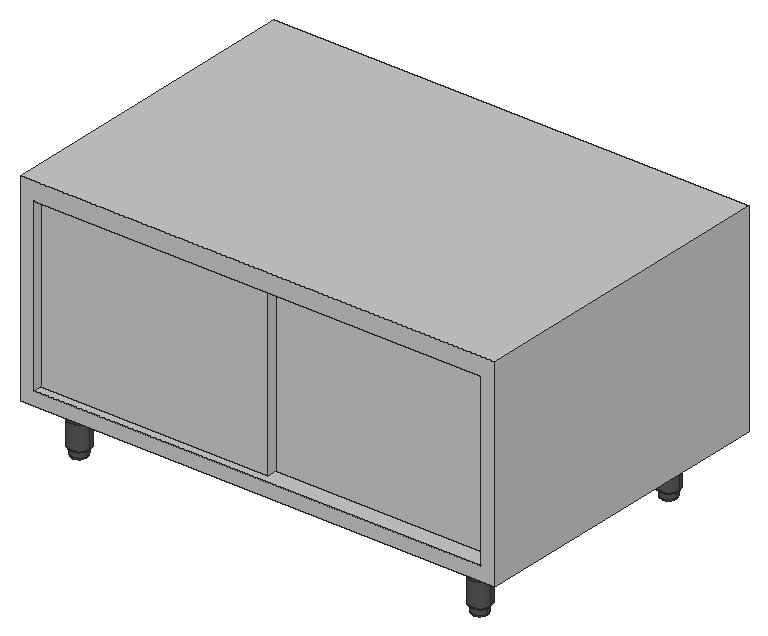
Revit family "QF_CAPIC_PF_W293038", category Equipement spécialisé, Revit 2018
Family settings
  Cote de connecteur circulaire = Utiliser le diamètre
  Type d'élément = Normal
  Numéro OmniClass = 23.40.40.14
  Titre OmniClass = Food Service Equipment
  Basée sur le plan de construction = Non
  Toujours verticalement = Oui
  Couper avec des vides une fois chargée = Non
  Partagée = Non
  Point de calcul de pièce = Non
Parameters (values of type "L=1200mm")
  URL catalogue = "http://www.capic-fr.com/fr/"
  Type de Raccord Plomberie [instance] = ""
  Type de Raccord Electrique [instance] = ""
  Type de Gaz = ""
  Type article [instance] = ""
  Tension = 0 V
  Spécification du Fabricant = ""
  Show Logo = yes
  Remarques evacuation [instance] = ""
  Remarques Plomberie [instance] = ""
  Remarques Electricité [instance] = ""
  Puissance électrique  = 0 W
  Puissance Gaz kW = 0
  Profondeur hors tout = 801 mm
  Pression Maximum Eau Adoucie = 0.0 Pa
  Poids net à vide = 120.00 kg
  Phase = 0
  Modèle = "W293038"
  Longueur porte = Longueur hors tout / 2 - 25 mm  # 575 mm
  Longueur hors tout = 1200 mm
  Intensité nominale = 0 A
  Hauteur hors tout = 630 mm
  Hauteur de Raccordement du Sol Finis = 0 mm
  Hauteur de Raccordement Gaz du Sol Finis = 0 mm
  Hauteur de Raccordement Evacuation Directe du Sol Finis = 0 mm
  Hauteur de Raccordement Eau Froide du Sol Finis = 0 mm
  Hauteur de Raccordement Eau Chaude du Sol Finis = 0 mm
  Hauteur de Raccordement Eau Adoucie du Sol Finis = 0 mm
  Fréquence = 0 Hz
  Fabricant = "CAPIC"
  Débit d'air d'extraction = 0.0 m³/h
  Débit Gaz = 0.0 L/s
  Débit Eau Froide = 0.0 L/s
  Débit Eau Chaude = 0.0 L/s
  Débit Eau Adoucie = 0.0 L/s
  Diamètre de Raccordement Gaz = 0 mm
  Diamètre de Raccordement Evacuation = 0 mm
  Diamètre de Raccordement Eau Froide = 0 mm
  Diamètre de Raccordement Eau Chaude = 0 mm
  Diamètre de Raccordement Eau Adoucie = 0 mm
  Description = "Placard fermé 2 portes coulissantes"
  Assembly Code = ""
  Classification  Omniclass nombre et titre = ""
Reference planes
  plane 1 "Centre (avant/arrière)": y = 0
  plane 2: z = 0
  plane 3 "Centre (gauche/droite)": x = 0
  plane 4 "Centre G/E": y = 0
  plane 5: y = -838
  plane 6: x = 1200
  plane 7: x = 1198
  plane 8: x = 2
  plane 9: x = 1165
  plane 10: y = -818
  plane 11: x = 1158
  plane 12: y = -223
  plane 13: y = -820
  plane 14: z = 141
  plane 15: x = 42
  plane 16: x = 35
  plane 17: y = -182
  plane 18: z = 621
  plane 19: z = 120
  plane 20: y = -37
  plane 21: x = 610
  plane 22: x = 590
Forms (mm)
  Extrusion 1, solid, material "QF_Stainless Steel-Brushed"
    sketch origin (1480, 0, 0) x (1, 0, 0) y (0, 0, 1)
      loop
        line (-1480, 630) -> (-1480, 120) -> (-280, 120) -> (-280, 630) -> (-1480, 630)
    from 838 to 37
  Extrusion 2, void
    sketch origin (1480, 0, 0) x (1, 0, 0) y (0, 0, 1)
      loop
        line (-1445, 155.456) -> (-315, 155.456) -> (-315, 585.456) -> (-1445, 585.456) -> (-1445, 155.456)
    from 838 to 182
  Extrusion 3, void
    sketch origin (1480, 0, 0) x (1, 0, 0) y (0, 1, 0)
      loop
        line (-1445, -182) -> (-1445, -820) -> (-315, -820) -> (-315, -182) -> (-1445, -182)
    from 120 to 141
  Extrusion 4, solid, material "QF_Stainless Steel-Brushed"
    sketch origin (0, 0, 0) x (1, 0, 0) y (0, 1, 0)
      loop
        line (35, -818) -> (610, -818) -> (610, -793) -> (35, -793) -> (35, -818)
    from 155.456 to 585.456
  Extrusion 5, solid, material "QF_Stainless Steel-Brushed"
    sketch origin (0, 0, 0) x (1, 0, 0) y (0, 1, 0)
      loop
        line (590, -793) -> (1165, -793) -> (1165, -768) -> (590, -768) -> (590, -793)
    from 155.456 to 585.456
Cuts and joins
  Extrusion 2, Extrusion 3 cuts Extrusion 1
Lines and regions (mm)
  model lines
    curve 1: line (1090, -793, 425.451) -> (1145, -793, 425.451)
    curve 2: line (1090, -793, 315.451) -> (1090, -793, 425.451)
    curve 3: line (1145, -793, 315.451) -> (1090, -793, 315.451)
    curve 4: line (1145, -793, 425.451) -> (1145, -793, 315.451)
    curve 5: line (1138, -793, 418.451) -> (1097, -793, 418.451)
    curve 6: line (1097, -793, 418.451) -> (1097, -793, 322.451)
    curve 7: line (1138, -793, 322.451) -> (1138, -793, 418.451)
    curve 8: line (1097, -793, 322.451) -> (1138, -793, 322.451)
    curve 17: line (55, -818, 425.451) -> (110, -818, 425.451)
    curve 18: line (55, -818, 315.451) -> (55, -818, 425.451)
    curve 19: line (110, -818, 315.451) -> (55, -818, 315.451)
    curve 20: line (110, -818, 425.451) -> (110, -818, 315.451)
    curve 21: line (103, -818, 418.451) -> (62, -818, 418.451)
    curve 22: line (62, -818, 418.451) -> (62, -818, 322.451)
    curve 23: line (103, -818, 322.451) -> (103, -818, 418.451)
    curve 24: line (62, -818, 322.451) -> (103, -818, 322.451)
  model lines, not visible
    curve 9: line (890, -793, 425.451) -> (945, -793, 425.451)
    curve 10: line (890, -793, 315.451) -> (890, -793, 425.451)
    curve 11: line (945, -793, 315.451) -> (890, -793, 315.451)
    curve 12: line (945, -793, 425.451) -> (945, -793, 315.451)
    curve 13: line (938, -793, 418.451) -> (897, -793, 418.451)
    curve 14: line (897, -793, 418.451) -> (897, -793, 322.451)
    curve 15: line (938, -793, 322.451) -> (938, -793, 418.451)
    curve 16: line (897, -793, 322.451) -> (938, -793, 322.451)
    curve 25: line (45, -818, 425.451) -> (100, -818, 425.451)
    curve 26: line (45, -818, 315.451) -> (45, -818, 425.451)
    curve 27: line (100, -818, 315.451) -> (45, -818, 315.451)
    curve 28: line (100, -818, 425.451) -> (100, -818, 315.451)
    curve 29: line (93, -818, 418.451) -> (52, -818, 418.451)
    curve 30: line (52, -818, 418.451) -> (52, -818, 322.451)
    curve 31: line (93, -818, 322.451) -> (93, -818, 418.451)
    curve 32: line (52, -818, 322.451) -> (93, -818, 322.451)
Dimensions and locks
  locked: plane 9 to plane 6 at 35
  locked: plane 10 to plane 5 at 20
  "Profondeur hors tout": plane 5 to plane 20
  locked: plane 12 to plane 13 at 597
  locked: plane 7 to plane 6 at 2
  locked: plane 3 "Centre (gauche/droite)" to plane 8 at 2
  "Longueur hors tout": plane 3 "Centre (gauche/droite)" to plane 6
  locked: plane 3 "Centre (gauche/droite)" to plane 16 at 35
  locked: plane 13 to plane 5 at 18
  locked: plane 3 "Centre (gauche/droite)" to plane 15 at 42
  locked: plane 11 to plane 6 at 42
  locked: plane 17 to plane 5 at 656
  plane 14 to plane 19 to plane 2 = 21 mm locked, 120 mm locked
  locked: plane 20 to plane 4 "Centre G/E" at 37
  "Longueur porte": plane 16 to plane 21
  locked: Extrusion 4 to plane 10 at 25
  "Longueur porte": plane 22 to plane 9
  locked: Extrusion 5 to Extrusion 5 at 25
  locked: plane 6 to curve 4 at 55
  locked: curve 3 to level at 315.451
  locked: curve 18 to plane 3 "Centre (gauche/droite)" at 55
  aligned and locked: level to plane 2
  aligned and locked: Extrusion 1 to Extrusion 2
  aligned and locked: cut or joined group of Extrusion 1, Extrusion 2, Extrusion 3 to plane 5
  aligned and locked: nested 1 to plane 14
  aligned and locked: nested 2 to plane 14
  aligned and locked: nested 2 to plane 13
  aligned and locked: nested 2 to plane 15
  aligned and locked: nested 1 to plane 15
  aligned and locked: nested 1 to plane 12
  aligned and locked: nested 3 to plane 11
  aligned and locked: nested 4 to plane 11
  aligned and locked: plane 13 to nested 4
  aligned and locked: Extrusion 3 to plane 13
  aligned and locked: plane 17 to cut or joined group of Extrusion 1, Extrusion 2, Extrusion 3
  aligned and locked: plane 12 to nested 3
  aligned and locked: cut or joined group of Extrusion 1, Extrusion 2, Extrusion 3 to plane 17
  aligned and locked: plane 20 to cut or joined group of Extrusion 1, Extrusion 2, Extrusion 3
  aligned and locked: Extrusion 4 to plane 16
  aligned and locked: Extrusion 4 to plane 10  (x2)
  aligned and locked: Extrusion 4 to plane 21
  aligned and locked: Extrusion 5 to plane 22
  aligned and locked: plane 9 to Extrusion 5
  aligned and locked: Extrusion 5 to Extrusion 4
  aligned and locked: cut or joined group of Extrusion 1, Extrusion 2, Extrusion 3 to Extrusion 4  (x2)
  aligned and locked: cut or joined group of Extrusion 1, Extrusion 2, Extrusion 3 to Extrusion 5
Automatic sketch dimensions
  Extrusion 1 sketch curve to plane 3 "Centre (gauche/droite)" = 0 mm
  Extrusion 1 sketch curve to plane 6 = 0 mm
  Extrusion 1 sketch curve to plane 19 = 0 mm
  plane 18 to Extrusion 1 sketch curve = 9 mm
  Extrusion 2 sketch curve to plane 16 = 0 mm
  Extrusion 2 sketch curve to plane 9 = 0 mm
  Extrusion 2 sketch curve to plane 14 = 14.456 mm
  Extrusion 2 sketch curve to plane 18 = 35.544 mm
  Extrusion 3 sketch curve to plane 13 = 0 mm
  Extrusion 3 sketch curve to plane 16 = 0 mm
  Extrusion 3 sketch curve to plane 9 = 0 mm
  Extrusion 3 sketch curve to plane 17 = 0 mm
  Extrusion 4 sketch curve to plane 16 = 0 mm
  Extrusion 4 sketch curve to plane 21 = 0 mm
  Extrusion 4 sketch curve to plane 10 = 0 mm
  Extrusion 4 sketch curve to Extrusion 4 sketch curve = 25 mm
  Extrusion 5 sketch curve to plane 22 = 0 mm
  Extrusion 5 sketch curve to plane 9 = 0 mm
  plane 10 to Extrusion 5 sketch curve = 25 mm
  Extrusion 5 sketch curve to Extrusion 5 sketch curve = 25 mm
Nested families
  nested 1: "QF_Details_Pied" at (93.5, -223, 0), type "QF_Details_Pied"
  nested 2: "QF_Details_Pied" at (93.5, -820, 0), type "QF_Details_Pied"
  nested 3: "QF_Details_Pied" at (1106.5, -223, 0), type "QF_Details_Pied"
  nested 4: "QF_Details_Pied" at (1106.5, -820, 0), type "QF_Details_Pied"
Definition of nested family "QF_Details_Pied"
  Reference planes
    plane 1 "Centre (avant/arrière)": y = 0
    plane 2: z = 0
    plane 3 "Centre (gauche/droite)": x = 0
  Forms (mm)
    Extrusion 1, solid
      sketch origin (-137.492, 51.5, -340.756) x (1, 0, 0) y (0, 0, 1)
        loop
          line (85.992, 481.756) -> (85.992, 472.756) -> (188.992, 472.756) -> (188.992, 481.756) -> (85.992, 481.756)
      from -51.5 to 51.5
    Revolve 2, solid
      sketch origin (0, 51.5, -9) x (1, 0, 0) y (0, 0, 1)
        loop
          line (0, 141) -> (0, 9) -> (19.21, 9) -> (19.21, 13) -> (20.21, 13) -> (20.21, 26) -> (21.71, 26) -> (26.66, 30.95) -> (26.66, 90.95) -> (31.468, 136.698) -> (36.246, 141) -> (0, 141)
        axis (0, 141) -> (0, 9)
      angle from 0 to 360
  Dimensions and locks
    aligned and locked: level to plane 2
    aligned and locked: Extrusion 1 to Revolve 2 sketch curve
